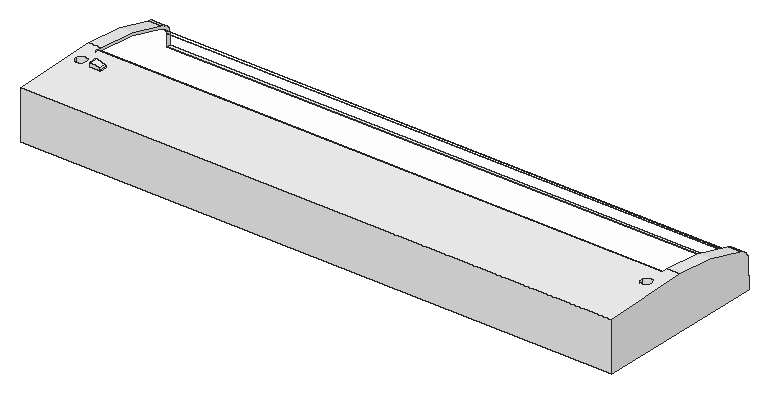
Revit family "COL_CUC", category Lighting Fixtures, host Face, Revit 2014
Parameters (values of type "CUC1")
  Width = 3.32813"
  Watts = 7.5 W
  Wattage Comments = "Variable Intensity technology provides specifiable lumen output/wattage"  # constant formula
  Wattage = 12.1 W
  Warranty = "5 years Warranty"  # constant formula
  built-in parameter 1150110 = 1 (stored number, unit not read)
  Voltage = 120 V
  URL = "https://www.hubbell.com/columbialighting"
  built-in parameter 1114217 = 1 (stored number, unit not read)
  Tilt Angle = -90.00°
  built-in parameter 1150109 = 1 (stored number, unit not read)
  built-in parameter 1150134 = (empty or 0)
  built-in parameter 1150113 = 1 (stored number, unit not read)
  Reflector Finish = Hubbell - White Glass
  Product Page URL = "https://www.hubbell.com/columbialighting/en/Products/Lighting-Controls/Commercial-Indoor-Lighting/Surface-Linear/Undercabinet-CUC/p/2891263"
  Product Doucmentation Link = "https://hubbellcdn.com/specsheet/COL_CUC_spec.pdf"
  Power Factor = 1
  Photometric Web File = "CUC1-ED120.ies"
  Photometric Web Link = "https://www.hubbell.com/columbialighting/en/Products/Lighting-Controls/Commercial-Indoor-Lighting/Surface-Linear/Undercabinet-CUC/p/2891263#prod-resources-section"
  Photometric Note = "For more ies file please find the above Photometric Web Link"
  Model = "CUC1"
  Manufacturer = "Columbia Lighting"  # constant formula
  built-in parameter 1150105 = 87.623 (stored number, unit not read)
  Lumens = 1101.1 lm
  built-in parameter 1150115 = 1 (stored number, unit not read)
  Load Classification = Lighting
  built-in parameter 1150137 = (empty or 0)
  built-in parameter 1150139 = (empty or 0)
  Length = 11.500"
  built-in parameter 1150112 = 1 (stored number, unit not read)
  built-in parameter 1150114 = 1 (stored number, unit not read)
  Lamp = "LED"  # constant formula
  built-in parameter 1150132 = (empty or 0)
  built-in parameter 1150102 = (empty or 0)
  built-in parameter 1150107 = 3500 (stored number, unit not read)
  built-in parameter 1150138 = (empty or 0)
  built-in parameter 1150106 = 0.87623 (stored number, unit not read)
  Housing Material = Paint - Hubbell - Matte White
  Features = "1', 2', 3', or 4' nominal lengths\r\n•\t Integral rocker switch\r\n•\t Direct wire or optional cord and plug\r\n•\t Ambient -25°C to 25°C\r\n•\t ENERGY STAR® Listed\r\n•\t Meets California Title 24 JA8-2016\r\n•\t Row connector included for end-to-end connections\r\n•\t Optional 13inch or 24inch connector cable\r"  # constant formula
  Emit from Rectangle Width = 1.500"  # constant formula
  Emit from Rectangle Length = Length - 1.000"  # 10.500"
  Emit Shape Visible in Rendering = no
  built-in parameter 1150104 = 8.4542 (stored number, unit not read)
  Dimming Protocol = "Dimmable to 10% with many Forward Phase (Triac) or\r\nElectronic Low Voltage (ELV) dimmers."  # constant formula
  Dimming Lamp Color Temperature Shift = <None>
  Dimming Controls = "Lutron NTELV-300\r\nLutron DELV-300P\r\nLutron DVCL-253P\r\nLutron Caseta\r\nLeviton 6681\r\nLeviton 6674\r\nLutron AYCL-153P\r\nLutron TGCL-153PH\r\nLutron AYLV-600P\r\nLutron NTLV-600\r\nLutron MAELV-600\r\nLutron N-600"  # constant formula
  Description = "CUC Undercabinet"  # constant formula
  Default Elevation = 48.000"
  Create Date = "04/01/2019"  # constant formula
  Copyright = "© 2019 Columbia Lighting, a division of Hubbell Lighting, Inc"  # constant formula
  Contact = "https://www.hubbell.com/columbialighting/en/contactUs"
  Connector Description = "Lighting Connector"  # constant formula
  Color Filter = 16777215
  Certifications = "All luminaires are built to UL 1598 standards, and bear\r\nappropriate ETL damp location labels."  # constant formula
  built-in parameter 1114218 = 1 (stored number, unit not read)
  built-in parameter 1150133 = 10 (stored number, unit not read)
  Assembly Code = "D5020200"
  Application = "Task Lighting, Governemt,Institutional , Commercial"  # constant formula
  Apparent Load = Watts / Power Factor  # 7.5 VA
Types (5): name | Watts | Photometric Web File | Model | Length | Emit from Rectangle Length | Apparent Load
  (no name) | 7.5 W | "CUC1-ED120.ies" | "CUC1" | 11.500" | 10.500" | 7.5 VA
  CUC1 | 7.5 W | "CUC1-ED120.ies" | "CUC1" | 11.500" | 10.500" | 7.5 VA
  CUC2 | 14 W | "CUC2-ED120.ies" | "CUC2" | 23.500" | 22.500" | 14 VA
  CUC3 | 20 W | "CUC3-ED120.ies" | "CUC3" | 35.500" | 34.500" | 20 VA
  CUC4 | 25 W | "CUC4-ED120.ies" | "CUC4" | 47.500" | 46.500" | 25 VA
Reference planes (in)
  plane 1 "Center (Front/Back)": y = 0
  plane 2: z = 0
  plane 3 "Center (Left/Right)": x = 0
  plane 4: x = -5.75
  plane 5: x = 5.75
  plane 6: y = -1.66406
  plane 7: y = 1.66406
  plane 8: x = 5.5
  plane 9: x = -5.5
  plane 10: z = 1
Forms (in)
  Extrusion 1, solid, material "Paint - Hubbell - Matte White" <- "Housing Material"
    sketch origin (0, -0.01563, 0) x (0, -1, 0) y (0, 0, 1)
      loop
        line (1.66406, 0) -> (1.66406, 0.94189)
        arc (1.66406, 0.94189) -> (0.8326, 0.98725) -> (0, 1) r 21.24967
        arc (0, 1) -> (-0.74789, 0.93191) -> (-1.47289, 0.73608) r 4.3458
        arc (-1.47289, 0.73608) -> (-1.61028, 0.65189) -> (-1.66406, 0.5) r 0.24135
        line (-1.66406, 0.5) -> (-1.66406, 0) -> (1.66406, 0)
    from -5.75 to 5.75
  Extrusion 2, void
    sketch origin (0, -0.01563, 0) x (0, -1, 0) y (0, 0, 1)
      loop
        arc (0.08329, 1.01728) -> (-0.69638, 0.95479) -> (-1.45223, 0.75354) r 4.3458
        line (-1.45223, 0.75354) -> (-1.61671, 0.70733)
        arc (-1.61671, 0.70733) -> (-1.66371, 0.67656) -> (-1.67969, 0.6227) r 0.08159
        line (-1.67969, 0.6227) -> (-1.67969, 0.4375) -> (-1.67969, 0.31721) -> (-1.59527, 0.31721) -> (-1.59527, 0.54258)
        arc (-1.59527, 0.54258) -> (-1.54114, 0.62721) -> (-1.45651, 0.68134) r 0.23392
        arc (-1.45651, 0.68134) -> (-0.73054, 0.87879) -> (0.01866, 0.94755) r 4.32865
        arc (0.01866, 0.94755) -> (0.11148, 0.94774) -> (0.2043, 0.94752) r 21.23125
        line (0.2043, 0.94752) -> (0.08329, 1.01728)
    from -5.5 to 5.5
  Extrusion 3, solid, material "Paint - Hubbell - Matte White" <- "Housing Material"
    sketch origin (0, -0.01563, 0) x (-1, 0, 0) y (0, 0, 1)
      loop
        line (5.28775, 0.96223) -> (5.28775, 1.04321)
        arc (5.28775, 1.04321) -> (5.27918, 1.06041) -> (5.26028, 1.06391) r 0.02154
        line (5.26028, 1.06391) -> (5.10193, 1.01851)
        arc (5.10193, 1.01851) -> (5.08827, 1.00911) -> (5.08301, 0.99339) r 0.02613
        line (5.08301, 0.99339) -> (5.08301, 0.96223) -> (5.28775, 0.96223)
    from -0.55065 to -0.41918
  Extrusion 4, void
    sketch origin (0.03125, 0, 0) x (1, 0, 0) y (0, 1, 0)
      loop
        circle (5.46875, -0.51205) r 0.1
    from 0.90031 to 1.00893
  Extrusion 5, void
    sketch origin (0.03125, 0, 0) x (1, 0, 0) y (0, 1, 0)
      loop
        circle (5.46875, -0.51205) r 0.05
    from 0.77937 to 0.90031
  Extrusion 6, void
    sketch origin (-0.03125, 0, 0) x (-1, 0, 0) y (0, -1, 0)
      loop
        circle (5.46875, 0.51205) r 0.1
    from 0.90031 to 1.00893
  Extrusion 7, void
    sketch origin (-0.03125, 0, 0) x (-1, 0, 0) y (0, -1, 0)
      loop
        circle (5.46875, 0.51205) r 0.05
    from 0.77937 to 0.90031
Cuts and joins
  Extrusion 2, Extrusion 4, Extrusion 5, Extrusion 6, Extrusion 7 cuts Extrusion 1
Dimensions and locks (in)
  "Length": plane 4 to plane 5
  "Width": plane 6 to plane 7
  plane 7 to plane 6 = 3.32813"
  locked: plane 8 to plane 5 at 0.25
  locked: plane 4 to plane 9 at 0.25
  equal spacing: plane 4, plane 3 "Center (Left/Right)", plane 5
  equal spacing: plane 6, plane 1 "Center (Front/Back)", plane 7
  aligned and locked: plane 2 to host face
  aligned and locked: level to host face
  aligned and locked: Extrusion 1 to plane 5
  aligned and locked: plane 4 to Extrusion 1
  aligned and locked: Extrusion 2 to plane 8
  aligned and locked: plane 9 to Extrusion 2
  aligned and locked: plane 8 to Extrusion 4 sketch curve
  aligned and locked: plane 8 to Extrusion 5 sketch curve
  aligned and locked: plane 9 to Extrusion 6 sketch curve
  aligned and locked: plane 9 to Extrusion 7 sketch curve
  aligned and locked: plane 3 "Center (Left/Right)" to imposter light
  aligned and locked: imposter light to plane 1 "Center (Front/Back)"
  aligned and locked: plane 10 to imposter light
Automatic sketch dimensions
  host sketch curve to host sketch curve = 96.000"  (x2)
  Extrusion 1 sketch curve to level = 0.000"
  Extrusion 1 sketch curve to plane 10 = 0.000"  (x2)
  plane 7 to Extrusion 1 sketch curve = 0.01562"
  Extrusion 1 sketch curve to Extrusion 1 sketch curve = 0.24135"
  plane 1 "Center (Front/Back)" to Extrusion 1 sketch curve = 0.03424"
  plane 1 "Center (Front/Back)" to Extrusion 1 sketch curve = 0.10662"
  plane 6 to Extrusion 1 sketch curve = 0.01562"
  Extrusion 1 sketch curve to level = 3.34576"
  Extrusion 1 sketch curve to Extrusion 1 sketch curve = 16.90371"
  Extrusion 1 sketch curve to Extrusion 1 sketch curve = 0.500"
  Extrusion 2 sketch curve to plane 7 = 0.000"
  plane 7 to Extrusion 2 sketch curve = 0.06298"
  plane 7 to Extrusion 2 sketch curve = 0.08143"
  plane 7 to Extrusion 2 sketch curve = 0.08442"
  Extrusion 2 sketch curve to Extrusion 2 sketch curve = 0.16448"
  Extrusion 2 sketch curve to Extrusion 2 sketch curve = 0.21953"
  plane 1 "Center (Front/Back)" to Extrusion 2 sketch curve = 0.05383"
  Extrusion 2 sketch curve to Extrusion 2 sketch curve = 0.00107"
  plane 10 to Extrusion 2 sketch curve = 0.01728"
  plane 1 "Center (Front/Back)" to Extrusion 2 sketch curve = 0.09892"
  plane 1 "Center (Front/Back)" to Extrusion 2 sketch curve = 0.12363"
  Extrusion 2 sketch curve to plane 10 = 0.05248"
  Extrusion 2 sketch curve to Extrusion 2 sketch curve = 0.12101"
  level to Extrusion 2 sketch curve = 0.75354"
  Extrusion 2 sketch curve to Extrusion 2 sketch curve = 0.04622"
  Extrusion 2 sketch curve to Extrusion 2 sketch curve = 0.07948"
  Extrusion 2 sketch curve to Extrusion 2 sketch curve = 0.08527"
  Extrusion 2 sketch curve to Extrusion 2 sketch curve = 0.08078"
  Extrusion 2 sketch curve to Extrusion 2 sketch curve = 0.10508"
  Extrusion 2 sketch curve to Extrusion 2 sketch curve = 0.12029"
  Extrusion 2 sketch curve to Extrusion 2 sketch curve = 0.05275"
  Extrusion 2 sketch curve to Extrusion 2 sketch curve = 16.90246"
  Extrusion 2 sketch curve to Extrusion 2 sketch curve = 0.000"
  Extrusion 3 sketch curve to plane 10 = 0.00661"
  plane 9 to Extrusion 3 sketch curve = 0.41699"
  plane 10 to Extrusion 3 sketch curve = 0.01851"
  Extrusion 3 sketch curve to Extrusion 3 sketch curve = 0.01893"
  plane 10 to Extrusion 3 sketch curve = 0.06391"
  Extrusion 3 sketch curve to Extrusion 3 sketch curve = 0.15834"
  Extrusion 3 sketch curve to Extrusion 3 sketch curve = 0.00594"
  Extrusion 3 sketch curve to Extrusion 3 sketch curve = 0.02154"
  Extrusion 3 sketch curve to plane 10 = 0.03777"
  plane 1 "Center (Front/Back)" to Extrusion 4 sketch curve = 0.51205"
  Extrusion 5 sketch curve to Extrusion 5 sketch curve = 0.000"
  plane 1 "Center (Front/Back)" to Extrusion 5 sketch curve = 0.51205"
  Extrusion 5 sketch curve to Extrusion 5 sketch curve = 0.050"
  Extrusion 6 sketch curve to plane 1 "Center (Front/Back)" = 0.51205"
  Extrusion 7 sketch curve to plane 1 "Center (Front/Back)" = 0.51205"
  Extrusion 7 sketch curve to plane 9 = 0.050"
  radius of Extrusion 4 sketch curve = 0.100"
  radius of Extrusion 6 sketch curve = 0.100"
Connectors (in)
  electrical at (0, -0.01563, 0), driven by "Connector Description"
    settings: on cut or joined group of Extrusion 1, Extrusion 2, Extrusion 4, Extrusion 5, Extrusion 6, Extrusion 7, index 1, voltage 0 V, apparent load 0 VA, apparent load phase1 0 VA, apparent load phase2 0 VA, apparent load phase3 0 VA, power factor 1, load classification "Other", number of poles 1, system type 30, power factor state 1, is connector primary yes, connector utility no, sub classification motor no, connector description "Lighting Connector"
